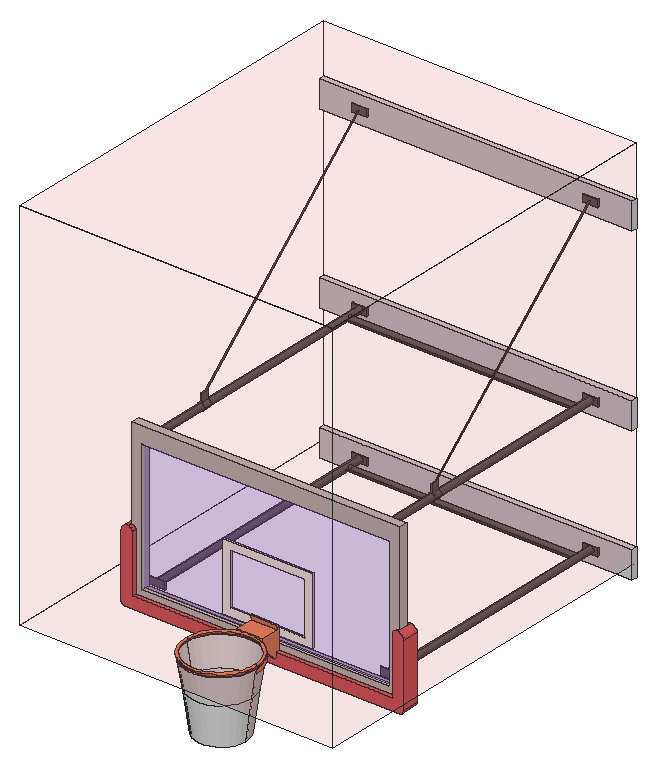
Revit family "Gymnasium-Eqpt_Basketball_IPIbyBison_IP12WF", category Specialty Equipment, Revit 2018
Family settings
  Round Connector Dimension = Use Diameter
  Part Type = Normal
  Work Plane-Based = Yes
  Always vertical = No
  Cut with Voids When Loaded = No
  Shared = No
  Room Calculation Point = No
Parameters (values of type "Wall Mounted Fold Up")
  wall distance text = "4 to 10 ft from Wall"
  Warranty Duration (Years) = 0
  Unit Width = 7' - 0"
  Unit Height [instance] = Stringer Height_First + 0' 2"  # 10' - 0"
  Unit Depth = 2' - 8"
  URL = "https://ipibybison.com/"
  Stringer Wood [instance] = none
  Stringer Height_Third [instance] = 4' - 0"
  Stringer Height_Second [instance] = 3' - 0"
  Stringer Height_First [instance] = 9' - 10"
  Specification = ""
  SpecWizard = ""
  Send Message = ""
  Sales Information = "https://ipibybison.com/ArchitectsPage.php"
  Rim Color [instance] = Plastic - IPI by Bison - Orange OR
  Revision = "R1_01-2018"
  Range of Wall Distance [instance] = wall distance text  # "4 to 10 ft from Wall"
  Product Properties = ""
  Product Data = "http://www.arcat.com/arcatcos/cos49/arc49571.html"
  Net Color [instance] = Finish - IPI by Bison - White Netting
  Model = "IP12WF"
  Manufacturer Website = "https://ipibybison.com/"
  Manufacturer Phone - Toll Free = "800-637-7968"
  Manufacturer Phone = ""
  Manufacturer Fax = "800-638-0698"
  Manufacturer Address = "603 L St  Lincoln, NE 68508"
  Manufacturer = "IPI by Bison"
  Maintenance Schedule (Months) = 0
  Keynote = ""
  Installation-Fabrication = ""
  Installation Phase = ""
  Green Building-LEED = ""
  Glass [instance] = Glass
  Frame Finish [instance] = Finish - IPI by Bison - Black
  Folding Clearance [instance] = ARCAT Clearance
  Expected Lifespan (Years) = 0
  Drawn By = "Sumex Design, Inc. / Robert S. Weygant, CSI, CDT, SCIP"
  Description = "IPI by Bison Wall Mounted Up Folding Basketball Backboard - IP12WF as Specified"
  Default Elevation = 0' - 0"
  Copyright = "©Arcat Inc."
  Construction Details = ""
  Clearance Visible [instance] = yes
  Backboard Square Color [instance] = Finish - IPI by Bison - White
  Backboard Padding Color [instance] = Plastic - IPI by Bison - Scarlet SC
  Backboard Distance from Wall [instance] = 6' - 0"
  Backboard Color [instance] = Finish - IPI by Bison - Satin Aluminum
  Assembly Code = ""
Reference planes (in)
  plane 1 "Center (Front/Back)": y = 0
  plane 2 "Bottom": z = 0
  plane 3 "Center (Left/Right)": x = 0
  plane 4 "Left": x = -42
  plane 5 "Right": x = 42
  plane 6 "Top": z = 120
  plane 7: y = -72
  plane 8: y = -59.5813
  plane 9: z = 118
  plane 10: z = 154
  plane 11: z = 202
  plane 12: x = -31.00488
  plane 13: x = 31.00488
  plane 14: y = -69.5
  plane 15: y = -54
Forms (in)
  Extrusion 1, solid, material <- "Stringer Wood"
    sketch origin (0, 0, 0) x (0, 1, 0) y (0, 0, 1)
      loop
        line (0, 198.375) -> (0, 205.625) -> (-1.5, 205.625) -> (-1.5, 198.375) -> (0, 198.375)
      loop
        line (0, 150.375) -> (0, 157.625) -> (-1.5, 157.625) -> (-1.5, 150.375) -> (0, 150.375)
      loop
        line (0, 114.375) -> (0, 121.625) -> (-1.5, 121.625) -> (-1.5, 114.375) -> (0, 114.375)
    from -42 to 42
  Extrusion 2, solid, material "Finish - IPI by Bison - Black" <- "Frame Finish"
    sketch origin (-31.00488, -180, 220.71867) x (0, 0, 1) y (0, -1, 0)
      loop
        line (-67.71867, -110.25) -> (-67.71867, -110.5) -> (-65.71867, -110.5) -> (-65.71867, -110.25) -> (-67.71867, -110.25)
      loop
        line (-101.71867, -110.25) -> (-103.71867, -110.25) -> (-103.71867, -110.5) -> (-101.71867, -110.5) -> (-101.71867, -110.25)
      loop
        line (-67.71867, -178.5) -> (-65.71867, -178.5) -> (-65.71867, -178.25) -> (-67.71867, -178.25) -> (-67.71867, -178.5)
      loop
        line (-103.71867, -178.5) -> (-101.71867, -178.5) -> (-101.71867, -178.25) -> (-103.71867, -178.25) -> (-103.71867, -178.5)
      loop
        line (-19.71867, -178.5) -> (-17.71867, -178.5) -> (-17.71867, -178.25) -> (-19.71867, -178.25) -> (-19.71867, -178.5)
    from 2 to -2
  Extrusion 3, solid, material "Finish - IPI by Bison - Black" <- "Frame Finish"
    sketch origin (31.00488, -180, 220.71867) x (0, 0, 1) y (0, -1, 0)
      loop
        line (-65.71867, -110.25) -> (-67.71867, -110.25) -> (-67.71867, -110.5) -> (-65.71867, -110.5) -> (-65.71867, -110.25)
      loop
        line (-103.71867, -110.25) -> (-103.71867, -110.5) -> (-101.71867, -110.5) -> (-101.71867, -110.25) -> (-103.71867, -110.25)
      loop
        line (-103.71867, -178.25) -> (-103.71867, -178.5) -> (-101.71867, -178.5) -> (-101.71867, -178.25) -> (-103.71867, -178.25)
      loop
        line (-67.71867, -178.25) -> (-67.71867, -178.5) -> (-65.71867, -178.5) -> (-65.71867, -178.25) -> (-67.71867, -178.25)
      loop
        line (-19.71867, -178.25) -> (-19.71867, -178.5) -> (-17.71867, -178.5) -> (-17.71867, -178.25) -> (-19.71867, -178.25)
    from 2 to -2
  Extrusion 4, solid, material "Finish - IPI by Bison - Black" <- "Frame Finish"
    sketch origin (31.00488, -1.75, 143) x (0, 0, 1) y (-1, 0, 0)
      loop
        circle (11, 62.00977) r 0.875
      loop
        circle (-25, 62.00977) r 0.875
      loop
        circle (11, 0) r 0.875
      loop
        circle (-25, 0) r 0.875
    from 0 to 67.75
  Extrusion 5, solid, material "Finish - IPI by Bison - Black" <- "Frame Finish"
    sketch origin (0, -54, 159.04229) x (0, 0, 1) y (1, 0, 0)
      loop
        line (-4.05404, 30.85203) -> (-1.80404, 30.85203) -> (-1.80404, 31.15773) -> (-4.05404, 31.15773)
        arc (-4.05404, 31.15773) -> (-6.04229, 31.00488) -> (-4.05404, 30.85203) r 1
      loop
        arc (-4.05404, -30.85203) -> (-6.04229, -31.00488) -> (-4.05404, -31.15773) r 1
        line (-4.05404, -31.15773) -> (-1.80404, -31.15773) -> (-1.80404, -30.85203) -> (-4.05404, -30.85203)
    from 1 to -1
  Sweep 6, solid, material "Finish - IPI by Bison - Black" <- "Frame Finish"
    path origin (0, 0, 0) x (0, 1, 0) y (0, 0, 1)
      loop
        line (-54, 156.75) -> (-2.09969, 202)
    profile origin (0, -28.04984, 179.375) x (0, -0.657165, 0.753747) y (1, 0, 0)
      loop
        circle (0, -31.00488) r 0.125
      loop
        circle (0, 31.00488) r 0.125
  Extrusion 7, solid, material "ARCAT Clearance" <- "Folding Clearance", visible <- "Clearance Visible"
    sketch origin (0, 0, 0) x (0, 1, 0) y (0, 0, 1)
      loop
        line (-102, 118) -> (0, 118) -> (0, 219) -> (-102, 219) -> (-102, 118)
    from -42 to 42
  Extrusion 8, solid, material "Finish - IPI by Bison - Black" <- "Frame Finish"
    sketch origin (0, 0, 0) x (0, 1, 0) y (0, 0, 1)
      loop
        circle (-6, 154) r 0.75
      loop
        circle (-6, 118) r 0.75
    from -31.00488 to 31.00488
Dimensions and locks (in)
  equal spacing: plane 4 "Left", plane 3 "Center (Left/Right)", plane 5 "Right"
  "Unit Width": plane 4 "Left" to plane 5 "Right"
  "Unit Height": plane 6 "Top" to level
  locked: plane 7 to plane 8 at 12.4187
  "Backboard Distance from Wall": plane 7 to plane 1 "Center (Front/Back)"
  "Stringer Height_First": plane 9 to level
  "Stringer Height_Second": plane 10 to plane 9
  "Stringer Height_Third": plane 11 to plane 10
  Extrusion 1 sketch curve to plane 9 to Extrusion 1 sketch curve = 0' - 3 5/8" locked, 0' - 3 5/8" locked
  Extrusion 1 sketch curve to plane 10 to Extrusion 1 sketch curve = 0' - 3 5/8" locked, 0' - 3 5/8" locked
  Extrusion 1 sketch curve to plane 11 to Extrusion 1 sketch curve = 0' - 3 5/8" locked, 0' - 3 5/8" locked
  Extrusion 2 sketch curve to plane 10 to Extrusion 2 sketch curve = 0' - 1" locked, 0' - 1" locked  (x2)
  plane 7 to Extrusion 2 sketch curve to Extrusion 2 sketch curve = 0' - 2 1/4" locked, 0' - 0 1/4" locked  (x2)
  Extrusion 2 sketch curve to plane 9 to Extrusion 2 sketch curve = 0' - 1" locked, 0' - 1" locked  (x2)
  Extrusion 2 sketch curve to plane 11 to Extrusion 2 sketch curve = 0' - 1" locked, 0' - 1" locked
  equal spacing: plane 13, plane 3 "Center (Left/Right)", plane 12
  locked: plane 13 to plane 12 at 62.00977
  locked: Extrusion 3 sketch curve to Extrusion 3 sketch curve at 0.25  (x5)
  Extrusion 3 sketch curve to plane 10 to Extrusion 3 sketch curve = 0' - 1" locked, 0' - 1" locked  (x2)
  Extrusion 3 sketch curve to plane 9 to Extrusion 3 sketch curve = 0' - 1" locked, 0' - 1" locked  (x2)
  locked: plane 7 to Extrusion 3 sketch curve at 2.25  (x2)
  Extrusion 3 sketch curve to plane 11 to Extrusion 3 sketch curve = 0' - 1" locked, 0' - 1" locked
  locked: Extrusion 4 sketch curve to plane 12 at 0
  locked: Extrusion 4 sketch curve to plane 10 at 0
  locked: plane 12 to Extrusion 4 sketch curve at 0
  locked: plane 9 to Extrusion 4 sketch curve at 0  (x2)
  locked: plane 13 to Extrusion 4 sketch curve at 0
  locked: Extrusion 4 sketch curve to plane 13 at 0
  locked: plane 10 to Extrusion 4 sketch curve at 0
  locked: plane 7 to plane 14 at 2.5
  locked: plane 7 to plane 15 at 18
  Extrusion 5 sketch curve to plane 13 to Extrusion 5 sketch curve to Extrusion 5 sketch curve = 0' - 0.15285" locked, 0' - 0" locked, 0' - 0.15285" locked
  Extrusion 5 sketch curve to plane 12 to Extrusion 5 sketch curve to Extrusion 5 sketch curve = 0' - 0.15285" locked, 0' - 0" locked, 0' - 0.15285" locked
  Extrusion 5 sketch curve to plane 10 to Extrusion 5 sketch curve = 0' - 3.23825" locked, 0' - 0" locked  (x2)
  locked: Sweep 6 sketch curve to plane 1 "Center (Front/Back)" at 2.09969
  locked: plane 11 to Sweep 6 sketch curve at 0
  locked: Sweep 6 sketch curve to plane 10 at 2.75
  locked: plane 15 to Sweep 6 sketch curve
  locked: Extrusion 3 sketch curve to plane 1 "Center (Front/Back)" at 1.5
  locked: Extrusion 7 sketch curve to plane 11 at 17
  locked: Extrusion 7 sketch curve to plane 7 at 30
  locked: Extrusion 8 sketch curve to plane 1 "Center (Front/Back)" at 6  (x2)
  locked: plane 10 to Extrusion 8 sketch curve at 0
  locked: plane 9 to Extrusion 8 sketch curve at 0
  aligned and locked: nested 1 to plane 8
  aligned and locked: Extrusion 1 to plane 4 "Left"
  aligned and locked: plane 5 "Right" to Extrusion 1
  aligned and locked: plane 14 to Extrusion 4
  aligned and locked: Extrusion 7 sketch curve to plane 9
  aligned and locked: plane 5 "Right" to Extrusion 7
  aligned and locked: Extrusion 7 to plane 4 "Left"
  aligned and locked: plane 13 to Extrusion 8
  aligned and locked: Extrusion 8 to plane 12
Automatic sketch dimensions
  Extrusion 1 sketch curve to plane 1 "Center (Front/Back)" = 0' - 0"  (x3)
  plane 1 "Center (Front/Back)" to Extrusion 1 sketch curve = 0' - 1 1/2"  (x3)
  plane 1 "Center (Front/Back)" to Extrusion 2 sketch curve = 0' - 1 3/4"  (x3)
  Extrusion 2 sketch curve to Extrusion 2 sketch curve = 0' - 0 1/4"  (x3)
  plane 1 "Center (Front/Back)" to Extrusion 3 sketch curve = 0' - 1 3/4"  (x2)
  Extrusion 5 sketch curve to Extrusion 5 sketch curve = 0' - 2 1/4"  (x2)
  Sweep 6 sketch curve to profile plane = 0' - 0"  (x2)
  Sweep 6 sketch curve to plane 3 "Center (Left/Right)" = 2' - 7.00488"
  plane 3 "Center (Left/Right)" to Sweep 6 sketch curve = 2' - 7.00488"
  Extrusion 7 sketch curve to plane 1 "Center (Front/Back)" = 0' - 0"
  radius of Extrusion 4 sketch curve = 0' - 0 7/8"  (x4)
  radius of Sweep 6 sketch curve = 0' - 0 1/8"  (x2)
  radius of Extrusion 8 sketch curve = 0' - 0 3/4"  (x2)
Nested families (in)
  nested 1: "Backboard_BA42XLGlass" at (0, -59.5813, 120) x (-1, 0, 0) z (0, 0, 1), backboard color <- "Backboard Color", backboard square color <- "Backboard Square Color", glass <- "Glass", rim finish <- "Rim Color", net color <- "Net Color", height offset <- "Unit Height", padding color <- "Backboard Padding Color", type "Backboard_BA42XLGlass"
    with rim finish Plastic - IPI by Bison - Orange OR, padding color Plastic - IPI by Bison - Scarlet SC, net color Finish - IPI by Bison - White Netting, height offset 10' - 0", glass Glass, frame finish none, backboard square color Finish - IPI by Bison - White, backboard color Finish - IPI by Bison - Satin Aluminum
Definition of nested family "Backboard_BA42XLGlass"
  Parameters (values of type "Backboard_BA42XLGlass")
    padding color [instance] = none
    net color [instance] = none
    rim finish [instance] = none
    height offset [instance] = 9' - 6"
    glass [instance] = none
    frame finish [instance] = none
    backboard square color [instance] = none
    backboard color [instance] = none
    Default Elevation = 4' - 0"
  Reference planes (in)
    plane 1 "Center (Front/Back)": y = 0
    plane 2: z = 0
    plane 3 "Center (Left/Right)": x = 0
    plane 4: z = -114
  Forms (in)
    Extrusion 1, solid, material <- "backboard color"
      sketch origin (-8.43545, 11.2937, 28.94441) x (1, 0, 0) y (0, 0, 1)
        loop
          line (-27.56455, 6.99989) -> (-27.56455, -35.00011) -> (44.43545, -35.00011) -> (44.43545, 6.99989) -> (-27.56455, 6.99989)
        loop
          line (41.81045, 2.74989) -> (-24.93955, 2.74989) -> (-24.93955, -32.37511) -> (41.81045, -32.37511) -> (41.81045, 2.74989)
      from 1.125 to -1.125
    Extrusion 2, solid, material <- "padding color"
      sketch origin (-8.43545, 11.2937, 29.06941) x (1, 0, 0) y (0, 0, 1)
        loop
          line (-27.55038, -17.62511) -> (-27.80038, -17.62511)
          arc (-27.80038, -17.62511) -> (-29.03781, -18.13767) -> (-29.55038, -19.37511) r 1.75
          line (-29.55038, -19.37511) -> (-29.55038, -36.12511)
          arc (-29.55038, -36.12511) -> (-29.25748, -36.83222) -> (-28.55038, -37.12511) r 1
          line (-28.55038, -37.12511) -> (45.44962, -37.12511)
          arc (45.44962, -37.12511) -> (46.15673, -36.83222) -> (46.44962, -36.12511) r 1
          line (46.44962, -36.12511) -> (46.44962, -19.37511)
          arc (46.44962, -19.37511) -> (45.93706, -18.13767) -> (44.69962, -17.62511) r 1.75
          line (44.69962, -17.62511) -> (44.42127, -17.62511)
          arc (44.42127, -17.62511) -> (43.71416, -17.918) -> (43.42127, -18.62511) r 1
          line (43.42127, -18.62511) -> (43.42127, -33.98376) -> (-26.55038, -33.98376) -> (-26.55038, -18.62511)
          arc (-26.55038, -18.62511) -> (-26.84327, -17.918) -> (-27.55038, -17.62511) r 1
      from -2.18697 to 2.14819
    Revolve 3, solid, material <- "net color"
      sketch origin (-8.43545, 27.4812, 28.93687) x (1, 0, 0) y (0, 0, 1)
        loop
          circle (-0.85808, -29.24642) r 0.3125
        loop
          line (-1.03195, -29.9762) -> (0.27041, -37.36226) -> (1.80132, -48.25521) -> (2.05377, -48.25521) -> (0.51737, -37.32314) -> (-0.77809, -29.9762) -> (-1.03195, -29.9762)
        axis (8.43545, -48.25521) -> (8.43545, -29.24642)
      angle from 0 to 360
    Revolve 4, solid, material <- "rim finish"
      sketch origin (0.02792, 11.2937, 0) x (0, 1, 0) y (0, 0, 1)
        loop
          line (6.79001, -0.625) -> (6.54001, -0.625) -> (6.54001, -2.125) -> (6.79001, -2.125) -> (6.79001, -0.625)
        axis (16.04001, -2.125) -> (16.04001, -0.625)
      angle from -90 to 90
    Extrusion 5, solid, material <- "rim finish"
      sketch origin (0, 0, 0) x (0, 1, 0) y (0, 0, 1)
        loop
          line (17.69724, 0) -> (12.8212, 0) -> (13.12361, 1.21287) -> (12.79369, 1.29513) -> (12.47078, 0) -> (12.47078, -6.5) -> (13.63137, -6.5) -> (17.69724, -2.43414) -> (17.69724, 0)
      from -3.50075 to 3.49925
    Extrusion 6, solid, material <- "backboard square color"
      sketch origin (0.02792, 11.2937, 0) x (1, 0, 0) y (0, 0, 1)
        loop
          line (-12.02792, 16.0023) -> (-12.02792, -1.9977) -> (11.97208, -1.9977) -> (11.97208, 16.0023) -> (-12.02792, 16.0023)
        loop
          line (-10.02792, 14.0023) -> (-10.02792, 0) -> (9.97208, 0) -> (9.97208, 14.0023) -> (-10.02792, 14.0023)
      from -0.44333 to 0.05679
    Extrusion 7, solid, material <- "glass"
      sketch origin (0.02792, 11.2937, 0) x (1, 0, 0) y (0, 0, 1)
        loop
          line (-33.40292, 31.6943) -> (-33.40292, -3.4307) -> (33.34708, -3.4307) -> (33.34708, 31.6943) -> (-33.40292, 31.6943)
      from -0.405 to 0
  Lines and regions (in)
    model lines
      curve 1: line (-0.00075, 0, 0) -> (-0.00075, 0, -114)
  Dimensions and locks (in)
    "height offset": level to plane 4
    aligned and locked: plane 2 to level
    aligned and locked: plane 4 to curve 1
  Automatic sketch dimensions
    curve 1 to level = 0' - 0"
    curve 1 to plane 3 "Center (Left/Right)" = 0' - 0.00075"
    Extrusion 1 sketch curve to plane 3 "Center (Left/Right)" = 3' - 0"
    Extrusion 1 sketch curve to Extrusion 1 sketch curve = 0' - 2 5/8"  (x2)
    plane 3 "Center (Left/Right)" to Extrusion 1 sketch curve = 2' - 9 3/8"
    Extrusion 1 sketch curve to level = 0' - 6.0557"
    Extrusion 1 sketch curve to level = 0' - 3.4307"
    level to Extrusion 1 sketch curve = 2' - 7.6943"
    Extrusion 1 sketch curve to Extrusion 1 sketch curve = 0' - 4 1/4"
    level to Extrusion 2 sketch curve = 0' - 9.6943"
    Extrusion 2 sketch curve to plane 3 "Center (Left/Right)" = 3' - 1.98582"
    Extrusion 2 sketch curve to Extrusion 2 sketch curve = 0' - 1"  (x4)
    Extrusion 2 sketch curve to Extrusion 2 sketch curve = 0' - 1 3/4"
    Extrusion 2 sketch curve to Extrusion 2 sketch curve = 0' - 0 1/4"
    level to Extrusion 2 sketch curve = 0' - 10.4443"
    plane 3 "Center (Left/Right)" to Extrusion 2 sketch curve = 2' - 10.98582"
    Extrusion 2 sketch curve to Extrusion 2 sketch curve = 0' - 0.27835"
    Extrusion 2 sketch curve to Extrusion 2 sketch curve = 0' - 2.02835"
    Extrusion 2 sketch curve to level = 0' - 4.91435"
    Extrusion 2 sketch curve to Extrusion 2 sketch curve = 0' - 2.14135"
    Revolve 3 sketch curve to plane 3 "Center (Left/Right)" = 0' - 0"
    Revolve 3 sketch curve to plane 3 "Center (Left/Right)" = 0' - 6.38167"
    Revolve 3 sketch curve to Revolve 3 sketch curve = 0' - 0.25246"
    Revolve 3 sketch curve to plane 3 "Center (Left/Right)" = 0' - 7.91808"
    Revolve 3 sketch curve to Revolve 3 sketch curve = 0' - 0.24696"
    Revolve 3 sketch curve to level = 0' - 1.03933"
    Revolve 3 sketch curve to Revolve 3 sketch curve = 0' - 1.0485"
    Revolve 3 sketch curve to level = 0' - 0.30954"
    Revolve 3 sketch curve to Revolve 3 sketch curve = 0' - 0.07999"
    Revolve 3 sketch curve to Revolve 3 sketch curve = 0' - 0.25386"
    Revolve 3 sketch curve to Revolve 3 sketch curve = 0' - 7.34694"
    Revolve 3 sketch curve to Revolve 3 sketch curve = 0' - 0.03911"
    Revolve 3 sketch curve to Revolve 3 sketch curve = 0' - 10.89295"
    Revolve 3 sketch curve to level = 0' - 0.00754"
    level to Revolve 3 sketch curve = 0' - 2.99246"
    Revolve 4 sketch curve to level = 0' - 2 1/8"
    Revolve 4 sketch curve to plane 1 "Center (Front/Back)" = 1' - 5.83371"
    Revolve 4 sketch curve to Revolve 4 sketch curve = 0' - 0 1/4"
    Revolve 4 sketch curve to level = 0' - 0 5/8"  (x2)
    Revolve 4 sketch curve to Revolve 4 sketch curve = 0' - 9 1/4"
    level to Revolve 4 sketch curve = 0' - 3 1/8"
    Extrusion 5 sketch curve to level = 0' - 0"  (x2)
    Extrusion 5 sketch curve to plane 1 "Center (Front/Back)" = 1' - 0.47078"
    level to Extrusion 5 sketch curve = 0' - 1.29513"
    Extrusion 5 sketch curve to Extrusion 5 sketch curve = 0' - 0.32291"
    Extrusion 5 sketch curve to Extrusion 5 sketch curve = 0' - 0.35043"
    Extrusion 5 sketch curve to Extrusion 5 sketch curve = 0' - 1.16059"
    Extrusion 5 sketch curve to Extrusion 5 sketch curve = 0' - 4.57363"
    Extrusion 5 sketch curve to Extrusion 5 sketch curve = 0' - 2.43414"
    Extrusion 5 sketch curve to Extrusion 5 sketch curve = 0' - 6 1/2"
    Extrusion 6 sketch curve to level = 0' - 0"
    Extrusion 6 sketch curve to level = 0' - 1.9977"
    Extrusion 6 sketch curve to plane 3 "Center (Left/Right)" = 1' - 0"
    Extrusion 6 sketch curve to Extrusion 6 sketch curve = 0' - 2"  (x3)
    plane 3 "Center (Left/Right)" to Extrusion 6 sketch curve = 0' - 10"
    Extrusion 6 sketch curve to Extrusion 6 sketch curve = 1' - 2.0023"
    Extrusion 7 sketch curve to plane 3 "Center (Left/Right)" = 2' - 9 3/8"
    Extrusion 7 sketch curve to level = 0' - 3.4307"
    plane 3 "Center (Left/Right)" to Extrusion 7 sketch curve = 2' - 9 3/8"
    level to Extrusion 7 sketch curve = 2' - 7.6943"
    radius of Revolve 3 sketch curve = 0' - 0 5/16"
